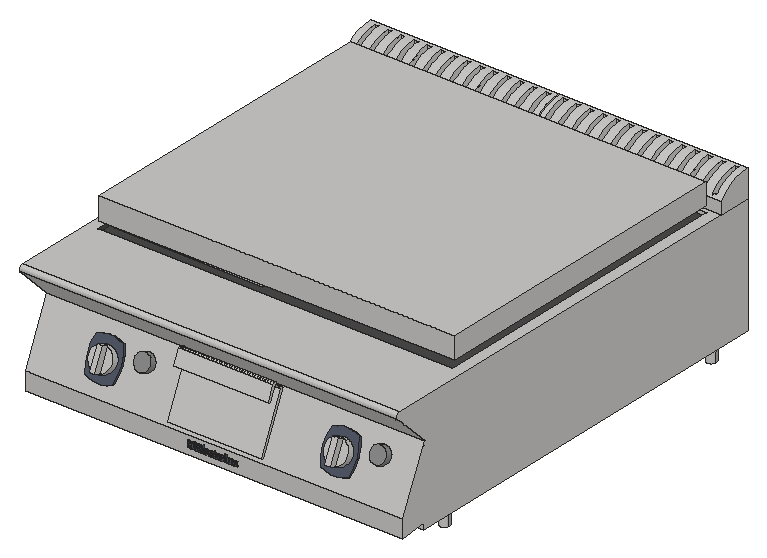
Revit family "QF_ELECTROLUXPROFESSIONAL_391023_E9HOGH1000", category Specialty Equipment, Revit 2018
Family settings
  Round Connector Dimension = Use Diameter
  Part Type = Normal
  Work Plane-Based = No
  Always vertical = Yes
  Cut with Voids When Loaded = No
  Shared = No
  Room Calculation Point = No
Parameters
  Width = 400 mm  # constant formula
  Weight in Pounds = 105  # constant formula
  Watts = 0 W
  URL Cutsheet = "www.electrolux.com/foodservice"
  URL = "www.electrolux.com/foodservice"
  Type Mark [instance] = ""
  Status [instance] = ""
  Specification by User [instance] = ""
  Specification by Manufacturer = ""
  Show Logo [instance] = yes
  Show Clearance [instance] = yes
  Serial Number = ""
  Seismic Rating = ""
  SMACNA No = ""
  Revision Code [instance] = ""
  Omniclass Number and Title = ""
  NAFEM Spec ID Number = ""
  Model = "391023"
  Mechanical Remarks = ""
  Mechanical Connection Type = ""
  Masterspec = ""
  Manufacturer = "ELECTROLUX"
  Item Number [instance] = ""
  Installed By [instance] = ""
  Identify Quantity as Lot [instance] = yes
  Height = 355 mm  # constant formula
  HP = "0 HP"
  Gas Size = 12.7 mm  # 1/2"
  Gas RI Height [instance] = 0 mm
  Gas KW = 16  # constant formula
  Gas Input [instance] = 54544.0 Btu/h
  Gas Connection Height = 0 mm
  Furnished By [instance] = ""
  Foodservice Equipment Identifier [instance] = yes
  Direct Waste Size = 0"
  Description = "900XP FULL MODULE GAS HOB COOKING TOP WITH MILD STEEL TOP - LPG/NATURAL GAS"
  Depth = 730 mm  # constant formula
  CSI MasterFormat = ""
  CSI Master Format = ""
  Base Height [instance] = 24 mm  # constant formula
  Assembly Code = ""
Reference planes
  plane 1 "BACK": y = 0
  plane 2: z = 0
  plane 3 "LEFT": x = 0
  plane 4 "RIGHT": x = 800
  plane 5 "FRONT": y = -930
  plane 6 "TOP": z = 288.925
  plane 7 "Center Y": x = 400
  plane 8 "Center X": y = -465
  plane 9 "BASE": z = 24
  plane 10 "TOP A": z = 274.825
  plane 11: y = -790
  plane 12: y = -82
  plane 13: z = 336
  plane 14: y = -1045
  plane 15: y = -748
  plane 16: y = -663
Forms (mm)
  Extrusion 1, solid, material "QF_Finishes_Stainless Steel"
    sketch origin (800, 0, 0) x (0, 1, 0) y (0, 0, 1)
      loop
        line (0, 274.825) -> (-922.666, 274.825)
        arc (-922.666, 274.825) -> (-929.442, 270.297) -> (-927.852, 262.305) r 7.334
        line (-927.852, 262.305) -> (-857.181, 191.634) -> (-913.537, 69.19) -> (-913.537, 31.09) -> (-860.165, 36.7) -> (-860.165, 24) -> (0, 24) -> (0, 274.825)
    from 0 to -800
  Extrusion 2, solid, material "QF_Finishes_Stainless Steel"
    sketch origin (0, -199.765, 0) x (1, 0, 0) y (0, 1, 0)
      loop
        circle (11.112, 117.765) r 9.525
      loop
        circle (11.112, -590.235) r 9.525
      loop
        circle (788.887, 117.765) r 9.525
      loop
        circle (788.887, -590.235) r 9.525
    from 0 to 24
  Extrusion 3, solid, material "QF_Clearances", visible <- "Show Clearance", detail levels coarse
    sketch origin (0, -199.765, 0) x (1, 0, 0) y (0, 1, 0)
      loop
        line (0, -730.235) -> (0, 199.765) -> (800, 199.765) -> (800, -730.235) -> (950.019, -730.235) -> (950.019, 399.784) -> (-150.019, 399.784) -> (-150.019, -730.235) -> (0, -730.235)
    from 0 to 336
  Extrusion 4, solid, material "QF_Finishes_Stainless Steel"
    sketch origin (400, 175.397, 1219.2) x (0, 1, 0) y (0, 0, 1)
      loop
        line (-1033.994, -1030.641) -> (-1050.4, -1014.234)
        arc (-1050.4, -1014.234) -> (-1054.868, -1012.832) -> (-1058.572, -1015.696) r 5.058
        line (-1058.572, -1015.696) -> (-1071.233, -1043.206) -> (-1068.349, -1044.534) -> (-1055.687, -1017.024)
        arc (-1055.687, -1017.024) -> (-1054.308, -1015.957) -> (-1052.645, -1016.479) r 1.883
        line (-1052.645, -1016.479) -> (-1037.802, -1031.322) -> (-1088.636, -1141.767) -> (-1085.752, -1143.095) -> (-1033.994, -1030.641)
    from -100 to 100
  Extrusion 5, solid, material "QF_Door-Drawer Clearances", visible <- "Show Clearance", detail levels coarse
    sketch origin (300, 175.397, 1219.2) x (0, -1, 0) y (0, 0, 1)
      loop
        line (1200.11, -1044.534) -> (1202.995, -1043.206) -> (1190.333, -1015.696)
        arc (1190.333, -1015.696) -> (1188.832, -1013.81) -> (1186.629, -1012.832) r 5.058
        line (1186.629, -1012.832) -> (1053.086, -1012.832)
        arc (1053.086, -1012.832) -> (1051.636, -1013.327) -> (1050.4, -1014.234) r 5.058
        line (1050.4, -1014.234) -> (1033.994, -1030.641) -> (1085.752, -1143.095) -> (1217.513, -1143.095) -> (1220.397, -1141.767) -> (1169.564, -1031.322) -> (1184.406, -1016.479)
        arc (1184.406, -1016.479) -> (1186.07, -1015.957) -> (1187.449, -1017.024) r 1.883
        line (1187.449, -1017.024) -> (1200.11, -1044.534)
    from 0 to -200
  Extrusion 6, solid, material "QF_Finishes_Stainless Steel"
    sketch origin (0, 0, 0) x (0, 1, 0) y (0, 0, 1)
      loop
        line (0, 274.825) -> (0, 333.448)
        arc (0, 333.448) -> (-38.896, 325.044) -> (-69.85, 300.038) r 86.041
        line (-69.85, 300.038) -> (-69.85, 274.825) -> (0, 274.825)
    from 0 to 400.05
  Extrusion 7, void
    sketch origin (0, 0, 274.638) x (-1, 0, 0) y (0, -1, 0)
      loop
        line (-13.453, 6.761) -> (-13.453, 63.911) -> (-22.749, 63.911) -> (-22.749, 6.761) -> (-13.453, 6.761)
    from 25.4 to 63.5
  Extrusion 8, void
    sketch origin (400.05, 0, 274.638) x (1, 0, 0) y (0, 1, 0)
      loop
        line (-13.453, -6.761) -> (-22.749, -6.761) -> (-22.749, -63.911) -> (-13.453, -63.911) -> (-13.453, -6.761)
    from 25.4 to 63.5
  Extrusion 9, void
    sketch origin (27.988, 0, 274.638) x (-1, 0, 0) y (0, -1, 0)
      loop
        line (-13.453, 6.761) -> (-13.453, 63.911) -> (-22.749, 63.911) -> (-22.749, 6.761) -> (-13.453, 6.761)
    from 25.4 to 63.5
  Extrusion 10, void
    sketch origin (55.977, 0, 274.638) x (-1, 0, 0) y (0, -1, 0)
      loop
        line (-13.453, 6.761) -> (-13.453, 63.911) -> (-22.749, 63.911) -> (-22.749, 6.761) -> (-13.453, 6.761)
    from 25.4 to 63.5
  Extrusion 11, void
    sketch origin (83.965, 0, 274.638) x (-1, 0, 0) y (0, -1, 0)
      loop
        line (-13.453, 6.761) -> (-13.453, 63.911) -> (-22.749, 63.911) -> (-22.749, 6.761) -> (-13.453, 6.761)
    from 25.4 to 63.5
  Extrusion 12, void
    sketch origin (111.953, 0, 274.638) x (-1, 0, 0) y (0, -1, 0)
      loop
        line (-13.453, 6.761) -> (-13.453, 63.911) -> (-22.749, 63.911) -> (-22.749, 6.761) -> (-13.453, 6.761)
    from 25.4 to 63.5
  Extrusion 13, void
    sketch origin (139.942, 0, 274.638) x (-1, 0, 0) y (0, -1, 0)
      loop
        line (-13.453, 6.761) -> (-13.453, 63.911) -> (-22.749, 63.911) -> (-22.749, 6.761) -> (-13.453, 6.761)
    from 25.4 to 63.5
  Extrusion 14, void
    sketch origin (167.93, 0, 274.638) x (-1, 0, 0) y (0, -1, 0)
      loop
        line (-13.453, 6.761) -> (-13.453, 63.911) -> (-22.749, 63.911) -> (-22.749, 6.761) -> (-13.453, 6.761)
    from 25.4 to 63.5
  Extrusion 15, void
    sketch origin (195.918, 0, 274.638) x (-1, 0, 0) y (0, -1, 0)
      loop
        line (-13.453, 6.761) -> (-13.453, 63.911) -> (-22.749, 63.911) -> (-22.749, 6.761) -> (-13.453, 6.761)
    from 25.4 to 63.5
  Extrusion 16, void
    sketch origin (223.907, 0, 274.638) x (-1, 0, 0) y (0, -1, 0)
      loop
        line (-13.453, 6.761) -> (-13.453, 63.911) -> (-22.749, 63.911) -> (-22.749, 6.761) -> (-13.453, 6.761)
    from 25.4 to 63.5
  Extrusion 17, void
    sketch origin (251.895, 0, 274.638) x (-1, 0, 0) y (0, -1, 0)
      loop
        line (-13.453, 6.761) -> (-13.453, 63.911) -> (-22.749, 63.911) -> (-22.749, 6.761) -> (-13.453, 6.761)
    from 25.4 to 63.5
  Extrusion 18, void
    sketch origin (279.884, 0, 274.638) x (-1, 0, 0) y (0, -1, 0)
      loop
        line (-13.453, 6.761) -> (-13.453, 63.911) -> (-22.749, 63.911) -> (-22.749, 6.761) -> (-13.453, 6.761)
    from 25.4 to 63.5
  Extrusion 19, void
    sketch origin (307.872, 0, 274.638) x (-1, 0, 0) y (0, -1, 0)
      loop
        line (-13.453, 6.761) -> (-13.453, 63.911) -> (-22.749, 63.911) -> (-22.749, 6.761) -> (-13.453, 6.761)
    from 25.4 to 63.5
  Extrusion 20, void
    sketch origin (335.86, 0, 274.638) x (-1, 0, 0) y (0, -1, 0)
      loop
        line (-13.453, 6.761) -> (-13.453, 63.911) -> (-22.749, 63.911) -> (-22.749, 6.761) -> (-13.453, 6.761)
    from 25.4 to 63.5
  Extrusion 21, solid, material "QF_Finishes_Navy Blue - Electrolux"
    sketch origin (800, -913.537, 69.19) x (0, 0.418102, 0.9084) y (-1, 0, 0)
      loop
        arc (102.453, 182.136) -> (66.871, 189.761) -> (31.162, 182.754) r 90.5
        arc (31.162, 182.754) -> (24.336, 153.566) -> (31.162, 124.378) r 65.817
        arc (31.162, 124.378) -> (66.87, 117.418) -> (102.453, 124.991) r 91.066
        arc (102.453, 124.991) -> (109.008, 153.564) -> (102.453, 182.136) r 65.546
    from 0 to 3.175
  Extrusion 22, solid, material "QF_Finishes_Stainless Steel"
    sketch origin (400, -916.421, 70.518) x (0, 0.418102, 0.9084) y (-1, 0, 0)
      loop
        circle (66.843, -247.213) r 25.4
    from 0 to 12.7
  Extrusion 23, solid, material "QF_Finishes_Stainless Steel"
    sketch origin (400, -927.958, 75.828) x (0, 0.418102, 0.9084) y (-1, 0, 0)
      loop
        arc (91.575, -252.999) -> (92.243, -247.213) -> (91.575, -241.427) r 25.4
        line (91.575, -241.427) -> (42.111, -241.427)
        arc (42.111, -241.427) -> (41.443, -247.213) -> (42.111, -252.999) r 25.4
        line (42.111, -252.999) -> (91.575, -252.999)
    from 0 to 12.7
  Extrusion 24, solid, material "QF_Finishes_Gray"
    sketch origin (800, -913.537, 69.19) x (0, 0.418102, 0.9084) y (-1, 0, 0)
      loop
        circle (86.903, 72.975) r 17.78
    from 0 to 12.7
  Extrusion 25, void
    sketch origin (0, 0, 274.825) x (-1, 0, 0) y (0, -1, 0)
      loop
        line (-23, 79.247) -> (-23, 752.366) -> (-777, 752.366) -> (-777, 79.247) -> (-23, 79.247)
    from 0 to -6.35
  Extrusion 26, solid, material "QF_Finishes_Stainless Steel"
    sketch origin (0, 0, 268.475) x (-1, 0, 0) y (0, -1, 0)
      loop
        line (-23, 82) -> (-23, 748) -> (-777, 748) -> (-777, 82) -> (-23, 82)
    from 20.45 to 67.525
  Extrusion 27, solid, material "QF_Finishes_Stainless Steel"
    sketch origin (800, 0, 24) x (-1, 0, 0) y (0, 1, 0)
      loop
        circle (33, -748) r 12.7
    from 0 to 5
  Extrusion 28, solid, material "QF_Finishes_Stainless Steel"
    sketch origin (0, 0, 268.475) x (-1, 0, 0) y (0, -1, 0)
      loop
        line (-357.019, 732.366) -> (-357.019, 99.247) -> (-43, 99.247) -> (-43, 732.366) -> (-357.019, 732.366)
    from 0 to 20.45
  Extrusion 29, solid, material "QF_Finishes_Stainless Steel"
    sketch origin (800, 0, 24) x (-1, 0, 0) y (0, 1, 0)
      loop
        circle (52, -663) r 6.4
    from 0 to 19
  Extrusion 30, solid, material "QF_Finishes_Navy Blue - Electrolux"
    sketch origin (300, -913.537, 69.19) x (0, 0.418102, 0.9084) y (-1, 0, 0)
      loop
        arc (102.453, 182.136) -> (66.871, 189.761) -> (31.162, 182.754) r 90.5
        arc (31.162, 182.754) -> (24.336, 153.566) -> (31.162, 124.378) r 65.817
        arc (31.162, 124.378) -> (66.87, 117.418) -> (102.453, 124.991) r 91.066
        arc (102.453, 124.991) -> (109.008, 153.564) -> (102.453, 182.136) r 65.546
    from 0 to 3.175
  Extrusion 31, solid, material "QF_Finishes_Stainless Steel"
    sketch origin (-100, -916.421, 70.518) x (0, 0.418102, 0.9084) y (-1, 0, 0)
      loop
        circle (66.843, -247.213) r 25.4
    from 0 to 12.7
  Extrusion 32, solid, material "QF_Finishes_Stainless Steel"
    sketch origin (-100, -927.958, 75.828) x (0, 0.418102, 0.9084) y (-1, 0, 0)
      loop
        arc (91.575, -252.999) -> (92.243, -247.213) -> (91.575, -241.427) r 25.4
        line (91.575, -241.427) -> (42.111, -241.427)
        arc (42.111, -241.427) -> (41.443, -247.213) -> (42.111, -252.999) r 25.4
        line (42.111, -252.999) -> (91.575, -252.999)
    from 0 to 12.7
  Extrusion 33, solid, material "QF_Finishes_Gray"
    sketch origin (300, -913.537, 69.19) x (0, 0.418102, 0.9084) y (-1, 0, 0)
      loop
        circle (86.903, 72.975) r 17.78
    from 0 to 12.7
  Extrusion 34, solid, material "QF_Finishes_Stainless Steel"
    sketch origin (800, 0, 0) x (0, 1, 0) y (0, 0, -1)
      loop
        line (0, -274.825) -> (-69.85, -274.825) -> (-69.85, -300.038)
        arc (-69.85, -300.038) -> (-38.896, -325.044) -> (0, -333.448) r 86.041
        line (0, -333.448) -> (0, -274.825)
    from 0 to 400.05
  Extrusion 35, void
    sketch origin (399.95, 0, 274.638) x (-1, 0, 0) y (0, -1, 0)
      loop
        line (-13.453, 6.761) -> (-13.453, 63.911) -> (-22.749, 63.911) -> (-22.749, 6.761) -> (-13.453, 6.761)
    from 25.4 to 63.5
  Extrusion 36, void
    sketch origin (772.012, 0, 274.638) x (1, 0, 0) y (0, 1, 0)
      loop
        line (-13.453, -6.761) -> (-22.749, -6.761) -> (-22.749, -63.911) -> (-13.453, -63.911) -> (-13.453, -6.761)
    from 25.4 to 63.5
  Extrusion 37, void
    sketch origin (744.023, 0, 274.638) x (1, 0, 0) y (0, 1, 0)
      loop
        line (-13.453, -6.761) -> (-22.749, -6.761) -> (-22.749, -63.911) -> (-13.453, -63.911) -> (-13.453, -6.761)
    from 25.4 to 63.5
  Extrusion 38, void
    sketch origin (716.035, 0, 274.638) x (1, 0, 0) y (0, 1, 0)
      loop
        line (-13.453, -6.761) -> (-22.749, -6.761) -> (-22.749, -63.911) -> (-13.453, -63.911) -> (-13.453, -6.761)
    from 25.4 to 63.5
  Extrusion 39, void
    sketch origin (688.047, 0, 274.638) x (1, 0, 0) y (0, 1, 0)
      loop
        line (-13.453, -6.761) -> (-22.749, -6.761) -> (-22.749, -63.911) -> (-13.453, -63.911) -> (-13.453, -6.761)
    from 25.4 to 63.5
  Extrusion 40, void
    sketch origin (660.058, 0, 274.638) x (1, 0, 0) y (0, 1, 0)
      loop
        line (-13.453, -6.761) -> (-22.749, -6.761) -> (-22.749, -63.911) -> (-13.453, -63.911) -> (-13.453, -6.761)
    from 25.4 to 63.5
  Extrusion 41, void
    sketch origin (632.07, 0, 274.638) x (1, 0, 0) y (0, 1, 0)
      loop
        line (-13.453, -6.761) -> (-22.749, -6.761) -> (-22.749, -63.911) -> (-13.453, -63.911) -> (-13.453, -6.761)
    from 25.4 to 63.5
  Extrusion 42, void
    sketch origin (604.082, 0, 274.638) x (1, 0, 0) y (0, 1, 0)
      loop
        line (-13.453, -6.761) -> (-22.749, -6.761) -> (-22.749, -63.911) -> (-13.453, -63.911) -> (-13.453, -6.761)
    from 25.4 to 63.5
  Extrusion 43, void
    sketch origin (576.093, 0, 274.638) x (1, 0, 0) y (0, 1, 0)
      loop
        line (-13.453, -6.761) -> (-22.749, -6.761) -> (-22.749, -63.911) -> (-13.453, -63.911) -> (-13.453, -6.761)
    from 25.4 to 63.5
  Extrusion 44, void
    sketch origin (548.105, 0, 274.638) x (1, 0, 0) y (0, 1, 0)
      loop
        line (-13.453, -6.761) -> (-22.749, -6.761) -> (-22.749, -63.911) -> (-13.453, -63.911) -> (-13.453, -6.761)
    from 25.4 to 63.5
  Extrusion 45, void
    sketch origin (520.116, 0, 274.638) x (1, 0, 0) y (0, 1, 0)
      loop
        line (-13.453, -6.761) -> (-22.749, -6.761) -> (-22.749, -63.911) -> (-13.453, -63.911) -> (-13.453, -6.761)
    from 25.4 to 63.5
  Extrusion 46, void
    sketch origin (492.128, 0, 274.638) x (1, 0, 0) y (0, 1, 0)
      loop
        line (-13.453, -6.761) -> (-22.749, -6.761) -> (-22.749, -63.911) -> (-13.453, -63.911) -> (-13.453, -6.761)
    from 25.4 to 63.5
  Extrusion 47, void
    sketch origin (464.14, 0, 274.638) x (1, 0, 0) y (0, 1, 0)
      loop
        line (-13.453, -6.761) -> (-22.749, -6.761) -> (-22.749, -63.911) -> (-13.453, -63.911) -> (-13.453, -6.761)
    from 25.4 to 63.5
  Extrusion 48, void
    sketch origin (800, 0, 274.638) x (1, 0, 0) y (0, 1, 0)
      loop
        line (-13.453, -6.761) -> (-22.749, -6.761) -> (-22.749, -63.911) -> (-13.453, -63.911) -> (-13.453, -6.761)
    from 25.4 to 63.5
  Extrusion 49, solid, material "QF_Finishes_Navy Blue", visible <- "Show Logo"
    sketch origin (800, -913.537, 31.09) x (0, 0, 1) y (-1, 0, 0)
      loop
        line (26.924, 446.512) -> (14.557, 446.512)
        arc (14.557, 446.512) -> (20.741, 441.94) -> (26.924, 446.512) r 6.467
      loop
        arc (26.924, 447.141) -> (25.755, 452.284) -> (21.099, 454.762) r 6.338
        line (21.099, 454.762) -> (21.099, 452.716)
        arc (21.099, 452.716) -> (22.583, 449.061) -> (26.028, 447.141) r 5.941
        line (26.028, 447.141) -> (26.924, 447.141)
      loop
        arc (15.453, 447.141) -> (18.898, 449.061) -> (20.382, 452.716) r 5.941
        line (20.382, 452.716) -> (20.382, 454.762)
        arc (20.382, 454.762) -> (15.688, 452.288) -> (14.398, 447.141) r 6.504
        line (14.398, 447.141) -> (15.453, 447.141)
      loop
        line (27.599, 455.231) -> (13.854, 455.231) -> (13.854, 441.468) -> (27.599, 441.468) -> (27.599, 455.231)
      loop
        arc (27.682, 438.5) -> (27.335, 438.858) -> (26.968, 438.52) r 0.358
        arc (26.968, 438.52) -> (26.654, 437.77) -> (25.937, 437.385) r 1.216
        line (25.937, 437.385) -> (15.524, 437.385)
        arc (15.524, 437.385) -> (14.864, 437.663) -> (14.468, 438.259) r 1.238
        arc (14.468, 438.259) -> (14.073, 438.51) -> (13.768, 438.156) r 0.358
        line (13.768, 438.156) -> (13.768, 428.277) -> (16.519, 428.277) -> (16.519, 429.174)
        arc (16.519, 429.174) -> (15.61, 429.754) -> (15.154, 430.731) r 1.928
        line (15.154, 430.731) -> (15.154, 433.23)
        arc (15.154, 433.23) -> (15.43, 433.959) -> (16.118, 434.323) r 1.101
        line (16.118, 434.323) -> (20.205, 434.323) -> (20.205, 430.649)
        arc (20.205, 430.649) -> (19.852, 430.152) -> (19.287, 429.925) r 1.083
        arc (19.287, 429.925) -> (19.023, 429.619) -> (19.315, 429.341) r 0.292
        line (19.315, 429.341) -> (22.278, 429.341)
        arc (22.278, 429.341) -> (22.58, 429.614) -> (22.342, 429.944) r 0.305
        arc (22.342, 429.944) -> (21.851, 430.192) -> (21.546, 430.649) r 1.083
        line (21.546, 430.649) -> (21.546, 434.323) -> (26.223, 434.323) -> (26.223, 430.576)
        arc (26.223, 430.576) -> (26.009, 429.82) -> (25.403, 429.322) r 1.314
        arc (25.403, 429.322) -> (25.184, 428.918) -> (25.538, 428.625) r 0.361
        line (25.538, 428.625) -> (27.682, 428.625) -> (27.682, 438.5)
      loop
        arc (26.965, 427.845) -> (26.585, 426.926) -> (25.666, 426.546) r 1.299
        line (25.666, 426.546) -> (16.087, 426.546)
        arc (16.087, 426.546) -> (15.249, 426.924) -> (14.978, 427.802) r 1.118
        line (14.978, 427.802) -> (13.768, 427.802) -> (13.768, 422.452) -> (14.956, 422.452)
        arc (14.956, 422.452) -> (15.228, 423.369) -> (16.098, 423.765) r 1.153
        line (16.098, 423.765) -> (28.17, 423.765) -> (26.965, 427.845)
      loop
        line (18.733, 419.816) -> (18.733, 413.368) -> (19.532, 413.368)
        arc (19.532, 413.368) -> (22.112, 414.353) -> (23.381, 416.806) r 3.874
        line (23.381, 416.806) -> (23.381, 418.567)
        arc (23.381, 418.567) -> (22.194, 421.432) -> (19.33, 422.618) r 4.051
        line (19.33, 422.618) -> (17.322, 422.618)
        arc (17.322, 422.618) -> (14.503, 421.133) -> (13.452, 418.126) r 4.352
        arc (13.452, 418.126) -> (13.816, 415.663) -> (15.193, 413.589) r 5.713
        line (15.193, 413.589) -> (16.142, 413.589)
        arc (16.142, 413.589) -> (15.41, 415.158) -> (15.193, 416.876) r 5.579
        arc (15.193, 416.876) -> (15.987, 418.839) -> (17.866, 419.816) r 3.057
        line (17.866, 419.816) -> (18.733, 419.816)
      loop
        line (19.992, 419.816) -> (19.992, 416.234)
        arc (19.992, 416.234) -> (21.449, 416.187) -> (22.332, 417.346) r 1.59
        line (22.332, 417.346) -> (22.332, 418.176)
        arc (22.332, 418.176) -> (21.467, 419.431) -> (19.992, 419.816) r 2.184
      loop
        arc (22.783, 403.951) -> (23.272, 405.625) -> (23.429, 407.362) r 9.023
        line (23.429, 407.362) -> (23.429, 408.724)
        arc (23.429, 408.724) -> (22.27, 411.524) -> (19.47, 412.683) r 3.959
        line (19.47, 412.683) -> (16.87, 412.683)
        arc (16.87, 412.683) -> (14.588, 411.391) -> (13.471, 409.018) r 4.331
        line (13.471, 409.018) -> (13.471, 406.883)
        arc (13.471, 406.883) -> (13.979, 405.333) -> (14.901, 403.987) r 5.772
        arc (14.901, 403.987) -> (15.662, 403.936) -> (15.749, 404.695) r 0.553
        arc (15.749, 404.695) -> (15.361, 405.429) -> (15.227, 406.248) r 2.573
        line (15.227, 406.248) -> (15.227, 407.763)
        arc (15.227, 407.763) -> (16.233, 409.405) -> (18.048, 410.047) r 2.884
        line (18.048, 410.047) -> (19.327, 410.047)
        arc (19.327, 410.047) -> (21.148, 409.487) -> (22.074, 407.822) r 2.554
        line (22.074, 407.822) -> (22.074, 406.769)
        arc (22.074, 406.769) -> (21.743, 405.841) -> (21.086, 405.106) r 2.564
        arc (21.086, 405.106) -> (20.864, 404.389) -> (21.473, 403.951) r 0.643
        line (21.473, 403.951) -> (22.783, 403.951)
      loop
        line (21.765, 403.681) -> (21.765, 402.18) -> (15.717, 402.18)
        arc (15.717, 402.18) -> (14.129, 401.522) -> (13.471, 399.934) r 2.246
        line (13.471, 399.934) -> (13.471, 398.35)
        arc (13.471, 398.35) -> (13.785, 397.486) -> (14.285, 396.714) r 4.06
        arc (14.285, 396.714) -> (15.018, 396.581) -> (15.269, 397.282) r 0.576
        arc (15.269, 397.282) -> (15.163, 397.808) -> (15.227, 398.34) r 1.69
        arc (15.227, 398.34) -> (15.769, 399.128) -> (16.675, 399.431) r 1.506
        line (16.675, 399.431) -> (21.813, 399.431) -> (21.813, 397.034) -> (22.369, 396.478) -> (23.191, 396.478) -> (23.191, 399.337) -> (26.422, 399.337) -> (21.765, 403.681)
      loop
        line (13.688, 395.58) -> (13.688, 390.193) -> (14.798, 390.193)
        arc (14.798, 390.193) -> (15.192, 391.144) -> (16.143, 391.538) r 1.345
        line (16.143, 391.538) -> (19.759, 391.538)
        arc (19.759, 391.538) -> (20.524, 390.946) -> (20.814, 390.024) r 1.615
        line (20.814, 390.024) -> (20.814, 388.468) -> (23.369, 387.783) -> (23.369, 389.166) -> (21.427, 391.725) -> (23.307, 391.725) -> (23.023, 394.431)
        arc (23.023, 394.431) -> (22.583, 394.961) -> (21.924, 394.76) r 0.621
        arc (21.924, 394.76) -> (21.524, 394.418) -> (21.03, 394.235) r 1.501
        line (21.03, 394.235) -> (16.143, 394.235)
        arc (16.143, 394.235) -> (15.192, 394.629) -> (14.798, 395.58) r 1.345
        line (14.798, 395.58) -> (13.688, 395.58)
      loop
        line (19.79, 388.246) -> (17.098, 388.246)
        arc (17.098, 388.246) -> (14.653, 386.938) -> (13.519, 384.408) r 4.288
        arc (13.519, 384.408) -> (13.455, 383.027) -> (13.519, 381.647) r 15.022
        arc (13.519, 381.647) -> (14.653, 379.116) -> (17.098, 377.809) r 4.288
        line (17.098, 377.809) -> (19.79, 377.809)
        arc (19.79, 377.809) -> (22.236, 379.116) -> (23.369, 381.647) r 4.288
        arc (23.369, 381.647) -> (23.433, 383.027) -> (23.369, 384.408) r 15.022
        arc (23.369, 384.408) -> (22.236, 386.938) -> (19.79, 388.246) r 4.288
      loop
        line (19.995, 385.132) -> (16.893, 385.132)
        arc (16.893, 385.132) -> (14.736, 382.975) -> (16.893, 380.818) r 2.157
        line (16.893, 380.818) -> (19.995, 380.818)
        arc (19.995, 380.818) -> (22.152, 382.975) -> (19.995, 385.132) r 2.157
      loop
        arc (26.976, 377.951) -> (26.605, 377.056) -> (25.711, 376.686) r 1.264
        line (25.711, 376.686) -> (15.847, 376.686)
        arc (15.847, 376.686) -> (14.977, 377.083) -> (14.705, 377.999) r 1.153
        line (14.705, 377.999) -> (13.768, 377.999) -> (13.768, 372.891) -> (14.696, 372.891)
        arc (14.696, 372.891) -> (15.055, 373.663) -> (15.847, 373.978) r 1.153
        line (15.847, 373.978) -> (28.17, 373.978) -> (26.976, 377.951)
      loop
        arc (22.096, 373.353) -> (21.897, 372.289) -> (20.928, 371.807) r 1.215
        line (20.928, 371.807) -> (15.908, 371.807)
        arc (15.908, 371.807) -> (14.293, 371.16) -> (13.572, 369.577) r 2.338
        line (13.572, 369.577) -> (13.572, 368.062)
        arc (13.572, 368.062) -> (13.747, 367.058) -> (14.249, 366.172) r 2.979
        line (14.249, 366.172) -> (13.768, 364.375) -> (13.768, 362.686) -> (23.193, 362.686) -> (22.899, 366.89) -> (22.113, 366.89)
        arc (22.113, 366.89) -> (21.757, 366.054) -> (21.005, 365.545) r 1.605
        line (21.005, 365.545) -> (15.902, 365.545)
        arc (15.902, 365.545) -> (15.482, 366.482) -> (15.409, 367.506) r 2.94
        arc (15.409, 367.506) -> (15.97, 368.607) -> (17.123, 369.05) r 1.724
        line (17.123, 369.05) -> (23.32, 369.05) -> (22.096, 373.353)
      loop
        line (23.124, 361.833) -> (21.452, 359.787) -> (18.278, 357.481) -> (14.822, 360.593)
        arc (14.822, 360.593) -> (14.585, 360.987) -> (14.607, 361.446) r 0.789
        line (14.607, 361.446) -> (13.768, 361.446) -> (13.768, 357.901) -> (14.594, 357.901)
        arc (14.594, 357.901) -> (14.936, 358.263) -> (15.426, 358.171) r 0.52
        line (15.426, 358.171) -> (17.226, 356.7) -> (15.108, 355.324)
        arc (15.108, 355.324) -> (14.707, 355.634) -> (14.62, 356.134) r 0.7
        line (14.62, 356.134) -> (13.768, 356.134) -> (13.768, 350.207) -> (14.655, 350.207)
        arc (14.655, 350.207) -> (14.722, 350.866) -> (15.116, 351.397) r 1.247
        line (15.116, 351.397) -> (19.316, 354.678) -> (21.763, 352.625) -> (23.124, 350.883) -> (23.124, 354.607) -> (21.639, 354.184) -> (20.118, 355.461) -> (21.818, 356.651) -> (23.124, 355.874) -> (23.124, 361.833)
    from 0 to 1.644
Cuts and joins
  Extrusion 7, Extrusion 8, Extrusion 9, Extrusion 10, Extrusion 11, Extrusion 12, Extrusion 13, Extrusion 14, Extrusion 15, Extrusion 16, Extrusion 17, Extrusion 18, Extrusion 19, Extrusion 20, Extrusion 35, Extrusion 36, Extrusion 37, Extrusion 38, Extrusion 39, Extrusion 40, Extrusion 41, Extrusion 42, Extrusion 43, Extrusion 44, Extrusion 45, Extrusion 46, Extrusion 47 cuts Extrusion 6
  Extrusion 25 cuts Extrusion 1
  Extrusion 25 cuts Extrusion 28
  Extrusion 35, Extrusion 36, Extrusion 37, Extrusion 38, Extrusion 39, Extrusion 40, Extrusion 41, Extrusion 42, Extrusion 43, Extrusion 44, Extrusion 45, Extrusion 46, Extrusion 47, Extrusion 48 cuts Extrusion 34
Lines and regions (mm)
  symbolic lines, style "QF_Clearances", visible <- "Show Clearance", detail levels coarse
    curve 1: line (-150.019, 200.019, 274.825) -> (-150.019, -930, 274.825)
    curve 2: line (950.019, 200.019, 274.825) -> (-150.019, 200.019, 274.825)
    curve 3: line (950.019, -930, 274.825) -> (950.019, 200.019, 274.825)
  symbolic lines
    curve 4: line (0, 0, 274.825) -> (400.05, 0, 274.825)
    curve 5: line (0, -930, 274.825) -> (0, 0, 274.825)
    curve 6: line (800, -930, 274.825) -> (0, -930, 274.825)
    curve 7: line (13.453, -6.761, 274.825) -> (22.749, -6.761, 274.825)
    curve 8: line (13.453, -63.911, 274.825) -> (13.453, -6.761, 274.825)
    curve 9: line (22.749, -63.911, 274.825) -> (13.453, -63.911, 274.825)
    curve 10: line (22.749, -6.761, 274.825) -> (22.749, -63.911, 274.825)
    curve 11: line (41.441, -6.761, 274.825) -> (50.737, -6.761, 274.825)
    curve 12: line (41.441, -63.911, 274.825) -> (41.441, -6.761, 274.825)
    curve 13: line (50.737, -63.911, 274.825) -> (41.441, -63.911, 274.825)
    curve 14: line (50.737, -6.761, 274.825) -> (50.737, -63.911, 274.825)
    curve 15: line (69.43, -6.761, 274.825) -> (78.725, -6.761, 274.825)
    curve 16: line (69.43, -63.911, 274.825) -> (69.43, -6.761, 274.825)
    curve 17: line (78.725, -63.911, 274.825) -> (69.43, -63.911, 274.825)
    curve 18: line (78.725, -6.761, 274.825) -> (78.725, -63.911, 274.825)
    curve 19: line (97.418, -6.761, 274.825) -> (106.714, -6.761, 274.825)
    curve 20: line (97.418, -63.911, 274.825) -> (97.418, -6.761, 274.825)
    curve 21: line (106.714, -63.911, 274.825) -> (97.418, -63.911, 274.825)
    curve 22: line (106.714, -6.761, 274.825) -> (106.714, -63.911, 274.825)
    curve 23: line (125.406, -6.761, 274.825) -> (134.702, -6.761, 274.825)
    curve 24: line (125.406, -63.911, 274.825) -> (125.406, -6.761, 274.825)
    curve 25: line (134.702, -63.911, 274.825) -> (125.406, -63.911, 274.825)
    curve 26: line (134.702, -6.761, 274.825) -> (134.702, -63.911, 274.825)
    curve 27: line (153.395, -6.761, 274.825) -> (162.69, -6.761, 274.825)
    curve 28: line (153.395, -63.911, 274.825) -> (153.395, -6.761, 274.825)
    curve 29: line (162.69, -63.911, 274.825) -> (153.395, -63.911, 274.825)
    curve 30: line (162.69, -6.761, 274.825) -> (162.69, -63.911, 274.825)
    curve 31: line (181.383, -6.761, 274.825) -> (190.679, -6.761, 274.825)
    curve 32: line (181.383, -63.911, 274.825) -> (181.383, -6.761, 274.825)
    curve 33: line (190.679, -63.911, 274.825) -> (181.383, -63.911, 274.825)
    curve 34: line (190.679, -6.761, 274.825) -> (190.679, -63.911, 274.825)
    curve 35: line (209.371, -6.761, 274.825) -> (218.667, -6.761, 274.825)
    curve 36: line (209.371, -63.911, 274.825) -> (209.371, -6.761, 274.825)
    curve 37: line (218.667, -63.911, 274.825) -> (209.371, -63.911, 274.825)
    curve 38: line (218.667, -6.761, 274.825) -> (218.667, -63.911, 274.825)
    curve 39: line (237.36, -6.761, 274.825) -> (246.655, -6.761, 274.825)
    curve 40: line (237.36, -63.911, 274.825) -> (237.36, -6.761, 274.825)
    curve 41: line (246.655, -63.911, 274.825) -> (237.36, -63.911, 274.825)
    curve 42: line (246.655, -6.761, 274.825) -> (246.655, -63.911, 274.825)
    curve 43: line (265.348, -6.761, 274.825) -> (274.644, -6.761, 274.825)
    curve 44: line (265.348, -63.911, 274.825) -> (265.348, -6.761, 274.825)
    curve 45: line (274.644, -63.911, 274.825) -> (265.348, -63.911, 274.825)
    curve 46: line (274.644, -6.761, 274.825) -> (274.644, -63.911, 274.825)
    curve 47: line (293.336, -6.761, 274.825) -> (302.632, -6.761, 274.825)
    curve 48: line (293.336, -63.911, 274.825) -> (293.336, -6.761, 274.825)
    curve 49: line (302.632, -63.911, 274.825) -> (293.336, -63.911, 274.825)
    curve 50: line (302.632, -6.761, 274.825) -> (302.632, -63.911, 274.825)
    curve 51: line (321.325, -6.761, 274.825) -> (330.62, -6.761, 274.825)
    curve 52: line (321.325, -63.911, 274.825) -> (321.325, -6.761, 274.825)
    curve 53: line (330.62, -63.911, 274.825) -> (321.325, -63.911, 274.825)
    curve 54: line (330.62, -6.761, 274.825) -> (330.62, -63.911, 274.825)
    curve 55: line (349.313, -6.761, 274.825) -> (358.609, -6.761, 274.825)
    curve 56: line (349.313, -63.911, 274.825) -> (349.313, -6.761, 274.825)
    curve 57: line (358.609, -63.911, 274.825) -> (349.313, -63.911, 274.825)
    curve 58: line (358.609, -6.761, 274.825) -> (358.609, -63.911, 274.825)
    curve 59: line (377.301, -6.761, 274.825) -> (386.597, -6.761, 274.825)
    curve 60: line (377.301, -63.911, 274.825) -> (377.301, -6.761, 274.825)
    curve 61: line (386.597, -63.911, 274.825) -> (377.301, -63.911, 274.825)
    curve 62: line (386.597, -6.761, 274.825) -> (386.597, -63.911, 274.825)
    curve 66: line (777, -79.247, 0) -> (23, -79.247, 0)
    curve 67: line (777, -82, 0) -> (23, -82, 0)
    curve 68: line (23, -752.366, 0) -> (777, -752.366, 0)
    curve 69: line (23, -748, 0) -> (777, -748, 0)
    curve 70: line (777, -752.366, 0) -> (777, -79.247, 0)
    curve 71: line (23, -79.247, 0) -> (23, -752.366, 0)
    curve 72: line (800, 0, 274.825) -> (400.05, 0, 274.825)
    curve 73: line (786.547, -6.761, 274.825) -> (777.251, -6.761, 274.825)
    curve 74: line (786.547, -63.911, 274.825) -> (786.547, -6.761, 274.825)
    curve 75: line (777.251, -63.911, 274.825) -> (786.547, -63.911, 274.825)
    curve 76: line (777.251, -6.761, 274.825) -> (777.251, -63.911, 274.825)
    curve 77: line (758.559, -6.761, 274.825) -> (749.263, -6.761, 274.825)
    curve 78: line (758.559, -63.911, 274.825) -> (758.559, -6.761, 274.825)
    curve 79: line (749.263, -63.911, 274.825) -> (758.559, -63.911, 274.825)
    curve 80: line (749.263, -6.761, 274.825) -> (749.263, -63.911, 274.825)
    curve 81: line (730.57, -6.761, 274.825) -> (721.275, -6.761, 274.825)
    curve 82: line (730.57, -63.911, 274.825) -> (730.57, -6.761, 274.825)
    curve 83: line (721.275, -63.911, 274.825) -> (730.57, -63.911, 274.825)
    curve 84: line (721.275, -6.761, 274.825) -> (721.275, -63.911, 274.825)
    curve 85: line (702.582, -6.761, 274.825) -> (693.286, -6.761, 274.825)
    curve 86: line (702.582, -63.911, 274.825) -> (702.582, -6.761, 274.825)
    curve 87: line (693.286, -63.911, 274.825) -> (702.582, -63.911, 274.825)
    curve 88: line (693.286, -6.761, 274.825) -> (693.286, -63.911, 274.825)
    curve 89: line (674.594, -6.761, 274.825) -> (665.298, -6.761, 274.825)
    curve 90: line (674.594, -63.911, 274.825) -> (674.594, -6.761, 274.825)
    curve 91: line (665.298, -63.911, 274.825) -> (674.594, -63.911, 274.825)
    curve 92: line (665.298, -6.761, 274.825) -> (665.298, -63.911, 274.825)
    curve 93: line (646.605, -6.761, 274.825) -> (637.31, -6.761, 274.825)
    curve 94: line (646.605, -63.911, 274.825) -> (646.605, -6.761, 274.825)
    curve 95: line (637.31, -63.911, 274.825) -> (646.605, -63.911, 274.825)
    curve 96: line (637.31, -6.761, 274.825) -> (637.31, -63.911, 274.825)
    curve 97: line (618.617, -6.761, 274.825) -> (609.321, -6.761, 274.825)
    curve 98: line (618.617, -63.911, 274.825) -> (618.617, -6.761, 274.825)
    curve 99: line (609.321, -63.911, 274.825) -> (618.617, -63.911, 274.825)
    curve 100: line (609.321, -6.761, 274.825) -> (609.321, -63.911, 274.825)
    curve 101: line (590.629, -6.761, 274.825) -> (581.333, -6.761, 274.825)
    curve 102: line (590.629, -63.911, 274.825) -> (590.629, -6.761, 274.825)
    curve 103: line (581.333, -63.911, 274.825) -> (590.629, -63.911, 274.825)
    curve 104: line (581.333, -6.761, 274.825) -> (581.333, -63.911, 274.825)
    curve 105: line (562.64, -6.761, 274.825) -> (553.345, -6.761, 274.825)
    curve 106: line (562.64, -63.911, 274.825) -> (562.64, -6.761, 274.825)
    curve 107: line (553.345, -63.911, 274.825) -> (562.64, -63.911, 274.825)
    curve 108: line (553.345, -6.761, 274.825) -> (553.345, -63.911, 274.825)
    curve 109: line (534.652, -6.761, 274.825) -> (525.356, -6.761, 274.825)
    curve 110: line (534.652, -63.911, 274.825) -> (534.652, -6.761, 274.825)
    curve 111: line (525.356, -63.911, 274.825) -> (534.652, -63.911, 274.825)
    curve 112: line (525.356, -6.761, 274.825) -> (525.356, -63.911, 274.825)
    curve 113: line (506.664, -6.761, 274.825) -> (497.368, -6.761, 274.825)
    curve 114: line (506.664, -63.911, 274.825) -> (506.664, -6.761, 274.825)
    curve 115: line (497.368, -63.911, 274.825) -> (506.664, -63.911, 274.825)
    curve 116: line (497.368, -6.761, 274.825) -> (497.368, -63.911, 274.825)
    curve 117: line (478.675, -6.761, 274.825) -> (469.38, -6.761, 274.825)
    curve 118: line (478.675, -63.911, 274.825) -> (478.675, -6.761, 274.825)
    curve 119: line (469.38, -63.911, 274.825) -> (478.675, -63.911, 274.825)
    curve 120: line (469.38, -6.761, 274.825) -> (469.38, -63.911, 274.825)
    curve 121: line (450.687, -6.761, 274.825) -> (441.391, -6.761, 274.825)
    curve 122: line (450.687, -63.911, 274.825) -> (450.687, -6.761, 274.825)
    curve 123: line (441.391, -63.911, 274.825) -> (450.687, -63.911, 274.825)
    curve 124: line (441.391, -6.761, 274.825) -> (441.391, -63.911, 274.825)
    curve 125: line (422.699, -6.761, 274.825) -> (413.403, -6.761, 274.825)
    curve 126: line (422.699, -63.911, 274.825) -> (422.699, -6.761, 274.825)
    curve 127: line (413.403, -63.911, 274.825) -> (422.699, -63.911, 274.825)
    curve 128: line (413.403, -6.761, 274.825) -> (413.403, -63.911, 274.825)
    curve 129: line (0, -69.85, 0) -> (800, -69.85, 0)
    curve 130: line (800, 0, 0) -> (800, -930, 0)
  symbolic lines, style "QF_Door-Drawer Clearances"
    curve 63: line (300, -1045, 0) -> (300, -930, 0)
    curve 64: line (300, -1045, 0) -> (500, -1045, 0)
    curve 65: line (500, -1045, 0) -> (500, -930, 0)
Dimensions and locks
  equal spacing: plane 3 "LEFT", plane 7 "Center Y", plane 4 "RIGHT"
  plane 3 "LEFT" to plane 4 "RIGHT" = 800 mm
  equal spacing: plane 5 "FRONT", plane 8 "Center X", plane 1 "BACK"
  plane 5 "FRONT" to plane 1 "BACK" = 930 mm  (x2)
  plane 1 "BACK" to plane 5 "FRONT" = 930 mm
  "Base Height": plane 9 "BASE" to level
  locked: plane 10 "TOP A" to plane 9 "BASE" at 250.825
  plane 10 "TOP A" to plane 9 "BASE" = 250.825 mm  (x2)
  plane 9 "BASE" to level = 24 mm
  plane 2 to plane 13 = 336 mm
  plane 9 "BASE" to plane 2 = 24 mm
  plane 5 "FRONT" to plane 11 to plane 12 to plane 1 "BACK" = 140 mm, 708 mm, 82 mm
  plane 14 to plane 1 "BACK" = 1045 mm
  plane 15 to plane 1 "BACK" = 748 mm
  plane 16 to plane 1 "BACK" = 663 mm
  Extrusion 29 to plane 9 "BASE" = 19 mm
  aligned and locked: level to plane 2
Automatic sketch dimensions
  curve 129 to plane 3 "LEFT" = 0 mm
  curve 64 to plane 14 = 0 mm
  plane 5 "FRONT" to curve 63 = 0 mm
  plane 15 to curve 69 = 0 mm
  plane 12 to curve 67 = 0 mm
  plane 5 "FRONT" to curve 65 = 0 mm
  curve 129 to plane 4 "RIGHT" = 0 mm
  plane 3 "LEFT" to curve 64 = 300 mm
  plane 15 to curve 71 = 4.366 mm
  plane 3 "LEFT" to curve 71 = 23 mm
  curve 67 to curve 66 = 0 mm  (x2)
  curve 63 to curve 65 = 200 mm
  plane 7 "Center Y" to curve 70 = 377 mm
  curve 67 to curve 66 = 2.753 mm
  curve 129 to plane 12 = 12.15 mm
  plane 5 "FRONT" to curve 3 = 0 mm
  plane 1 "BACK" to curve 72 = 0 mm
  curve 72 to plane 4 "RIGHT" = 0 mm
  plane 5 "FRONT" to curve 6 = 0 mm
  curve 6 to plane 3 "LEFT" = 0 mm
  plane 5 "FRONT" to curve 1 = 0 mm
  plane 4 "RIGHT" to curve 3 = 150.019 mm
  curve 75 to plane 4 "RIGHT" = 13.453 mm
  curve 73 to curve 73 = 9.296 mm
  plane 1 "BACK" to curve 77 = 6.761 mm
  curve 73 to curve 77 = 18.693 mm
  curve 77 to curve 77 = 9.296 mm
  curve 79 to curve 83 = 18.693 mm
  curve 82 to curve 83 = 9.296 mm
  curve 83 to curve 87 = 18.693 mm
  curve 86 to curve 87 = 9.296 mm
  curve 87 to curve 91 = 18.693 mm
  curve 90 to curve 91 = 9.296 mm
  curve 91 to curve 95 = 18.693 mm
  curve 94 to curve 95 = 9.296 mm
  plane 1 "BACK" to curve 97 = 6.761 mm
  curve 93 to curve 97 = 18.693 mm
  curve 97 to curve 100 = 9.296 mm
  plane 1 "BACK" to curve 102 = 6.761 mm
  curve 97 to curve 102 = 18.693 mm
  curve 101 to curve 104 = 9.296 mm
  plane 1 "BACK" to curve 105 = 6.761 mm
  curve 101 to curve 105 = 18.693 mm
  curve 105 to curve 105 = 9.296 mm
  plane 1 "BACK" to curve 109 = 6.761 mm
  curve 105 to curve 109 = 18.693 mm
  curve 109 to curve 109 = 9.296 mm
  plane 1 "BACK" to curve 113 = 6.761 mm
  curve 109 to curve 113 = 18.693 mm
  curve 113 to curve 113 = 9.296 mm
  curve 115 to curve 119 = 18.693 mm
  curve 118 to curve 119 = 9.296 mm
  plane 1 "BACK" to curve 121 = 6.761 mm
  curve 117 to curve 121 = 18.693 mm
  curve 121 to curve 121 = 9.296 mm
  plane 1 "BACK" to curve 125 = 6.761 mm
  curve 121 to curve 125 = 18.693 mm
  curve 125 to curve 125 = 9.296 mm
  plane 7 "Center Y" to curve 72 = 0.05 mm
  plane 7 "Center Y" to curve 6 = 400 mm
  curve 61 to plane 7 "Center Y" = 13.403 mm
  curve 61 to curve 60 = 9.296 mm
  plane 1 "BACK" to curve 58 = 6.761 mm
  curve 59 to curve 58 = 18.693 mm
  curve 57 to curve 56 = 9.296 mm
  plane 1 "BACK" to curve 54 = 6.761 mm
  curve 55 to curve 54 = 18.693 mm
  curve 53 to curve 52 = 9.296 mm
  plane 1 "BACK" to curve 50 = 6.761 mm
  curve 51 to curve 50 = 18.693 mm
  curve 49 to curve 48 = 9.296 mm
  curve 48 to curve 46 = 18.693 mm
  curve 45 to curve 44 = 9.296 mm
  curve 44 to curve 42 = 18.693 mm
  curve 41 to curve 40 = 9.296 mm
  curve 40 to curve 38 = 18.693 mm
  curve 37 to curve 36 = 9.296 mm
  curve 36 to curve 34 = 18.693 mm
  curve 33 to curve 32 = 9.296 mm
  plane 1 "BACK" to curve 30 = 6.761 mm
  curve 31 to curve 30 = 18.693 mm
  curve 29 to curve 28 = 9.296 mm
  plane 1 "BACK" to curve 26 = 6.761 mm
  curve 27 to curve 26 = 18.693 mm
  curve 25 to curve 24 = 9.296 mm
  plane 1 "BACK" to curve 22 = 6.761 mm
  curve 23 to curve 22 = 18.693 mm
  curve 21 to curve 20 = 9.296 mm
  curve 20 to curve 18 = 18.693 mm
  curve 17 to curve 16 = 9.296 mm
  curve 16 to curve 14 = 18.693 mm
  curve 13 to curve 12 = 9.296 mm
  curve 12 to curve 10 = 18.693 mm
  curve 9 to curve 8 = 9.296 mm
  curve 1 to plane 3 "LEFT" = 150.019 mm
  curve 1 to plane 1 "BACK" = 200.019 mm
  plane 1 "BACK" to curve 7 = 6.761 mm
  plane 1 "BACK" to curve 120 = 6.761 mm
  plane 1 "BACK" to curve 11 = 6.761 mm
  plane 1 "BACK" to curve 15 = 6.761 mm
  plane 1 "BACK" to curve 31 = 6.761 mm
  plane 1 "BACK" to curve 96 = 6.761 mm
  plane 1 "BACK" to curve 35 = 6.761 mm
  plane 1 "BACK" to curve 92 = 6.761 mm
  plane 1 "BACK" to curve 39 = 6.761 mm
  plane 1 "BACK" to curve 88 = 6.761 mm
  plane 1 "BACK" to curve 43 = 6.761 mm
  plane 1 "BACK" to curve 84 = 6.761 mm
  plane 1 "BACK" to curve 76 = 6.761 mm
  plane 1 "BACK" to curve 59 = 6.761 mm
  curve 61 to plane 12 = 18.089 mm
  curve 58 to plane 12 = 18.089 mm
  curve 74 to plane 12 = 18.089 mm
  curve 54 to plane 12 = 18.089 mm
  curve 78 to plane 12 = 18.089 mm
  curve 50 to plane 12 = 18.089 mm
  curve 82 to plane 12 = 18.089 mm
  curve 46 to plane 12 = 18.089 mm
  curve 86 to plane 12 = 18.089 mm
  curve 42 to plane 12 = 18.089 mm
  curve 90 to plane 12 = 18.089 mm
  curve 38 to plane 12 = 18.089 mm
  curve 94 to plane 12 = 18.089 mm
  curve 34 to plane 12 = 18.089 mm
  curve 98 to plane 12 = 18.089 mm
  curve 30 to plane 12 = 18.089 mm
  curve 102 to plane 12 = 18.089 mm
  curve 26 to plane 12 = 18.089 mm
  curve 106 to plane 12 = 18.089 mm
  curve 22 to plane 12 = 18.089 mm
  curve 110 to plane 12 = 18.089 mm
  curve 18 to plane 12 = 18.089 mm
  curve 114 to plane 12 = 18.089 mm
  curve 14 to plane 12 = 18.089 mm
  curve 118 to plane 12 = 18.089 mm
  curve 10 to plane 12 = 18.089 mm
  curve 122 to plane 12 = 18.089 mm
  curve 127 to plane 12 = 18.089 mm
  Extrusion 1 sketch curve to plane 10 "TOP A" = 0 mm
  Extrusion 1 sketch curve to plane 9 "BASE" = 0 mm
  Extrusion 1 sketch curve to plane 1 "BACK" = 0 mm
  plane 11 to Extrusion 1 sketch curve = 67.181 mm
  plane 9 "BASE" to Extrusion 1 sketch curve = 12.7 mm
  Extrusion 1 sketch curve to plane 5 "FRONT" = 69.835 mm
  plane 9 "BASE" to Extrusion 1 sketch curve = 7.09 mm
  Extrusion 1 sketch curve to plane 5 "FRONT" = 16.463 mm
  Extrusion 1 sketch curve to plane 5 "FRONT" = 7.334 mm
  Extrusion 1 sketch curve to plane 5 "FRONT" = 2.148 mm
  Extrusion 1 sketch curve to Extrusion 1 sketch curve = 38.1 mm
  Extrusion 1 sketch curve to plane 10 "TOP A" = 83.191 mm
  Extrusion 1 sketch curve to plane 10 "TOP A" = 12.52 mm
  plane 11 to Extrusion 2 sketch curve = 0 mm  (x2)
  plane 12 to Extrusion 2 sketch curve = 0 mm  (x2)
  plane 3 "LEFT" to Extrusion 2 sketch curve = 11.112 mm  (x2)
  Extrusion 2 sketch curve to plane 4 "RIGHT" = 11.113 mm  (x2)
  plane 5 "FRONT" to Extrusion 3 sketch curve = 0 mm  (x2)
  plane 1 "BACK" to Extrusion 3 sketch curve = 0 mm
  Extrusion 3 sketch curve to plane 3 "LEFT" = 0 mm
  Extrusion 3 sketch curve to plane 4 "RIGHT" = 0 mm
  Extrusion 3 sketch curve to plane 3 "LEFT" = 150.019 mm
  plane 4 "RIGHT" to Extrusion 3 sketch curve = 150.019 mm
  Extrusion 3 sketch curve to plane 1 "BACK" = 200.019 mm
  Extrusion 4 sketch curve to Extrusion 4 sketch curve = 0 mm  (x2)
  Extrusion 4 sketch curve to plane 5 "FRONT" = 16.761 mm
  Extrusion 4 sketch curve to Extrusion 4 sketch curve = 2.884 mm  (x3)
  Extrusion 4 sketch curve to plane 5 "FRONT" = 34.164 mm
  Extrusion 4 sketch curve to Extrusion 4 sketch curve = 12.662 mm
  Extrusion 4 sketch curve to Extrusion 4 sketch curve = 1.711 mm
  Extrusion 4 sketch curve to Extrusion 4 sketch curve = 1.332 mm
  Extrusion 4 sketch curve to Extrusion 4 sketch curve = 2.245 mm
  Extrusion 4 sketch curve to Extrusion 4 sketch curve = 14.843 mm
  Extrusion 4 sketch curve to Extrusion 4 sketch curve = 3.809 mm
  plane 9 "BASE" to Extrusion 4 sketch curve = 52.105 mm
  Extrusion 4 sketch curve to Extrusion 4 sketch curve = 1.327 mm  (x2)
  Extrusion 4 sketch curve to Extrusion 4 sketch curve = 13.211 mm
  Extrusion 4 sketch curve to Extrusion 4 sketch curve = 0.787 mm
  Extrusion 5 sketch curve to Extrusion 5 sketch curve = 0 mm  (x2)
  Extrusion 5 sketch curve to Extrusion 4 = 0 mm  (x3)
  Extrusion 4 to Extrusion 5 sketch curve = 0 mm
  Extrusion 5 sketch curve to Extrusion 5 sketch curve = 3.577 mm
  Extrusion 5 sketch curve to Extrusion 5 sketch curve = 2.686 mm
  Extrusion 5 sketch curve to Extrusion 5 sketch curve = 115.587 mm
  Extrusion 5 sketch curve to Extrusion 5 sketch curve = 14.843 mm
  Extrusion 5 sketch curve to Extrusion 5 sketch curve = 1.332 mm
  Extrusion 5 sketch curve to Extrusion 5 sketch curve = 2.222 mm
  Extrusion 5 sketch curve to Extrusion 5 sketch curve = 1.711 mm
  Extrusion 5 sketch curve to Extrusion 5 sketch curve = 2.884 mm  (x3)
  Extrusion 5 sketch curve to Extrusion 5 sketch curve = 12.662 mm
  Extrusion 5 sketch curve to Extrusion 5 sketch curve = 17.403 mm
  Extrusion 5 sketch curve to Extrusion 5 sketch curve = 1.327 mm  (x2)
  Extrusion 5 sketch curve to Extrusion 5 sketch curve = 13.211 mm
  Extrusion 6 sketch curve to plane 10 "TOP A" = 0 mm
  Extrusion 6 sketch curve to plane 1 "BACK" = 0 mm
  plane 1 "BACK" to Extrusion 6 sketch curve = 1.769 mm
  Extrusion 6 sketch curve to plane 12 = 12.15 mm
  Extrusion 6 sketch curve to plane 10 "TOP A" = 27.4 mm
  plane 6 "TOP" to Extrusion 6 sketch curve = 11.113 mm
  plane 1 "BACK" to Extrusion 7 sketch curve = 6.761 mm
  plane 3 "LEFT" to Extrusion 7 sketch curve = 22.749 mm
  Extrusion 7 sketch curve to Extrusion 7 sketch curve = 9.296 mm
  Extrusion 7 sketch curve to plane 12 = 18.089 mm
  Extrusion 8 sketch curve to plane 1 "BACK" = 6.761 mm
  plane 7 "Center Y" to Extrusion 8 sketch curve = 22.699 mm
  Extrusion 8 sketch curve to Extrusion 8 sketch curve = 9.296 mm
  plane 12 to Extrusion 8 sketch curve = 18.089 mm
  plane 1 "BACK" to Extrusion 9 sketch curve = 6.761 mm
  plane 3 "LEFT" to Extrusion 9 sketch curve = 50.737 mm
  Extrusion 9 sketch curve to Extrusion 9 sketch curve = 9.296 mm
  Extrusion 9 sketch curve to plane 12 = 18.089 mm
  plane 1 "BACK" to Extrusion 10 sketch curve = 6.761 mm
  plane 3 "LEFT" to Extrusion 10 sketch curve = 78.725 mm
  Extrusion 10 sketch curve to Extrusion 10 sketch curve = 9.296 mm
  Extrusion 10 sketch curve to plane 12 = 18.089 mm
  plane 1 "BACK" to Extrusion 11 sketch curve = 6.761 mm
  plane 3 "LEFT" to Extrusion 11 sketch curve = 106.714 mm
  Extrusion 11 sketch curve to Extrusion 11 sketch curve = 9.296 mm
  Extrusion 11 sketch curve to plane 12 = 18.089 mm
  plane 1 "BACK" to Extrusion 12 sketch curve = 6.761 mm
  plane 3 "LEFT" to Extrusion 12 sketch curve = 134.702 mm
  Extrusion 12 sketch curve to Extrusion 12 sketch curve = 9.296 mm
  Extrusion 12 sketch curve to plane 12 = 18.089 mm
  plane 1 "BACK" to Extrusion 13 sketch curve = 6.761 mm
  plane 3 "LEFT" to Extrusion 13 sketch curve = 162.69 mm
  Extrusion 13 sketch curve to Extrusion 13 sketch curve = 9.296 mm
  Extrusion 13 sketch curve to plane 12 = 18.089 mm
  plane 1 "BACK" to Extrusion 14 sketch curve = 6.761 mm
  plane 3 "LEFT" to Extrusion 14 sketch curve = 190.679 mm
  Extrusion 14 sketch curve to Extrusion 14 sketch curve = 9.296 mm
  Extrusion 14 sketch curve to plane 12 = 18.089 mm
  plane 1 "BACK" to Extrusion 15 sketch curve = 6.761 mm
  Extrusion 15 sketch curve to plane 7 "Center Y" = 181.333 mm
  Extrusion 15 sketch curve to Extrusion 15 sketch curve = 9.296 mm
  Extrusion 15 sketch curve to plane 12 = 18.089 mm
  plane 1 "BACK" to Extrusion 16 sketch curve = 6.761 mm
  Extrusion 16 sketch curve to plane 7 "Center Y" = 153.345 mm
  Extrusion 16 sketch curve to Extrusion 16 sketch curve = 9.296 mm
  Extrusion 16 sketch curve to plane 12 = 18.089 mm
  plane 1 "BACK" to Extrusion 17 sketch curve = 6.761 mm
  Extrusion 17 sketch curve to plane 7 "Center Y" = 125.356 mm
  Extrusion 17 sketch curve to Extrusion 17 sketch curve = 9.296 mm
  Extrusion 17 sketch curve to plane 12 = 18.089 mm
  plane 1 "BACK" to Extrusion 18 sketch curve = 6.761 mm
  Extrusion 18 sketch curve to plane 7 "Center Y" = 97.368 mm
  Extrusion 18 sketch curve to Extrusion 18 sketch curve = 9.296 mm
  Extrusion 18 sketch curve to plane 12 = 18.089 mm
  plane 1 "BACK" to Extrusion 19 sketch curve = 6.761 mm
  Extrusion 19 sketch curve to plane 7 "Center Y" = 69.38 mm
  Extrusion 19 sketch curve to Extrusion 19 sketch curve = 9.296 mm
  Extrusion 19 sketch curve to plane 12 = 18.089 mm
  plane 1 "BACK" to Extrusion 20 sketch curve = 6.761 mm
  Extrusion 20 sketch curve to plane 7 "Center Y" = 41.391 mm
  Extrusion 20 sketch curve to Extrusion 20 sketch curve = 9.296 mm
  Extrusion 20 sketch curve to plane 12 = 18.089 mm
  Extrusion 21 sketch curve to Extrusion 1 = 31.162 mm  (x2)
  Extrusion 21 sketch curve to Extrusion 21 sketch curve = 12.3 mm  (x3)
  Extrusion 21 sketch curve to Extrusion 21 sketch curve = 34.925 mm  (x2)
  Extrusion 1 to Extrusion 21 sketch curve = 44.637 mm
  Extrusion 1 to Extrusion 21 sketch curve = 99.264 mm
  Extrusion 21 sketch curve to Extrusion 21 sketch curve = 25.114 mm
  Extrusion 21 sketch curve to Extrusion 21 sketch curve = 25.727 mm
  Extrusion 21 sketch curve to Extrusion 21 sketch curve = 29.185 mm
  Extrusion 23 sketch curve to Extrusion 23 sketch curve = 24.732 mm
  Extrusion 23 sketch curve to Extrusion 23 sketch curve = 0 mm
  Extrusion 1 to Extrusion 24 sketch curve = 47.888 mm
  Extrusion 1 to Extrusion 24 sketch curve = 72.975 mm
  Extrusion 26 sketch curve to Extrusion 25 = 0 mm
  Extrusion 26 sketch curve to Extrusion 25 = 2.753 mm
  Extrusion 26 sketch curve to Extrusion 25 = 4.366 mm
  Extrusion 27 sketch curve to Extrusion 1 = 33 mm
  Extrusion 27 sketch curve to Extrusion 1 = 112.165 mm
  Extrusion 28 sketch curve to Extrusion 25 = 20 mm  (x3)
  Extrusion 29 sketch curve to Extrusion 1 = 52 mm
  Extrusion 29 sketch curve to Extrusion 1 = 197.165 mm
  Extrusion 30 sketch curve to Extrusion 1 = 31.162 mm  (x2)
  Extrusion 30 sketch curve to Extrusion 30 sketch curve = 12.3 mm  (x3)
  Extrusion 30 sketch curve to Extrusion 30 sketch curve = 34.925 mm  (x2)
  Extrusion 1 to Extrusion 30 sketch curve = 44.637 mm
  Extrusion 1 to Extrusion 30 sketch curve = 200.736 mm
  Extrusion 30 sketch curve to Extrusion 30 sketch curve = 25.114 mm
  Extrusion 30 sketch curve to Extrusion 30 sketch curve = 25.727 mm
  Extrusion 30 sketch curve to Extrusion 30 sketch curve = 29.185 mm
  Extrusion 32 sketch curve to Extrusion 32 sketch curve = 24.732 mm
  Extrusion 32 sketch curve to Extrusion 32 sketch curve = 0 mm
  Extrusion 1 to Extrusion 33 sketch curve = 47.888 mm
  Extrusion 1 to Extrusion 33 sketch curve = 227.025 mm
  Extrusion 34 sketch curve to plane 10 "TOP A" = 0 mm
  Extrusion 34 sketch curve to plane 1 "BACK" = 0 mm
  plane 1 "BACK" to Extrusion 34 sketch curve = 1.769 mm
  Extrusion 34 sketch curve to plane 12 = 12.15 mm
  plane 6 "TOP" to Extrusion 34 sketch curve = 11.113 mm
  plane 13 to Extrusion 34 sketch curve = 2.552 mm
  plane 1 "BACK" to Extrusion 35 sketch curve = 6.761 mm
  plane 7 "Center Y" to Extrusion 35 sketch curve = 22.699 mm
  Extrusion 35 sketch curve to Extrusion 35 sketch curve = 9.296 mm
  Extrusion 35 sketch curve to plane 12 = 18.089 mm
  plane 1 "BACK" to Extrusion 36 sketch curve = 6.761 mm
  Extrusion 36 sketch curve to plane 4 "RIGHT" = 50.737 mm
  Extrusion 36 sketch curve to Extrusion 36 sketch curve = 9.296 mm
  Extrusion 36 sketch curve to plane 12 = 18.089 mm
  plane 1 "BACK" to Extrusion 37 sketch curve = 6.761 mm
  Extrusion 37 sketch curve to plane 4 "RIGHT" = 78.725 mm
  Extrusion 37 sketch curve to Extrusion 37 sketch curve = 9.296 mm
  Extrusion 37 sketch curve to plane 12 = 18.089 mm
  plane 1 "BACK" to Extrusion 38 sketch curve = 6.761 mm
  Extrusion 38 sketch curve to plane 4 "RIGHT" = 106.714 mm
  Extrusion 38 sketch curve to Extrusion 38 sketch curve = 9.296 mm
  Extrusion 38 sketch curve to plane 12 = 18.089 mm
  plane 1 "BACK" to Extrusion 39 sketch curve = 6.761 mm
  Extrusion 39 sketch curve to plane 4 "RIGHT" = 134.702 mm
  Extrusion 39 sketch curve to Extrusion 39 sketch curve = 9.296 mm
  Extrusion 39 sketch curve to plane 12 = 18.089 mm
  plane 1 "BACK" to Extrusion 40 sketch curve = 6.761 mm
  Extrusion 40 sketch curve to plane 4 "RIGHT" = 162.69 mm
  Extrusion 40 sketch curve to Extrusion 40 sketch curve = 9.296 mm
  Extrusion 40 sketch curve to plane 12 = 18.089 mm
  plane 1 "BACK" to Extrusion 41 sketch curve = 6.761 mm
  Extrusion 41 sketch curve to plane 4 "RIGHT" = 190.679 mm
  Extrusion 41 sketch curve to Extrusion 41 sketch curve = 9.296 mm
  Extrusion 41 sketch curve to plane 12 = 18.089 mm
  plane 1 "BACK" to Extrusion 42 sketch curve = 6.761 mm
  plane 7 "Center Y" to Extrusion 42 sketch curve = 181.333 mm
  Extrusion 42 sketch curve to Extrusion 42 sketch curve = 9.296 mm
  Extrusion 42 sketch curve to plane 12 = 18.089 mm
  plane 1 "BACK" to Extrusion 43 sketch curve = 6.761 mm
  plane 7 "Center Y" to Extrusion 43 sketch curve = 153.345 mm
  Extrusion 43 sketch curve to Extrusion 43 sketch curve = 9.296 mm
  Extrusion 43 sketch curve to plane 12 = 18.089 mm
  plane 1 "BACK" to Extrusion 44 sketch curve = 6.761 mm
  plane 7 "Center Y" to Extrusion 44 sketch curve = 125.356 mm
  Extrusion 44 sketch curve to Extrusion 44 sketch curve = 9.296 mm
  Extrusion 44 sketch curve to plane 12 = 18.089 mm
  plane 1 "BACK" to Extrusion 45 sketch curve = 6.761 mm
  plane 7 "Center Y" to Extrusion 45 sketch curve = 97.368 mm
  Extrusion 45 sketch curve to Extrusion 45 sketch curve = 9.296 mm
  Extrusion 45 sketch curve to plane 12 = 18.089 mm
  plane 1 "BACK" to Extrusion 46 sketch curve = 6.761 mm
  plane 7 "Center Y" to Extrusion 46 sketch curve = 69.38 mm
  Extrusion 46 sketch curve to Extrusion 46 sketch curve = 9.296 mm
  Extrusion 46 sketch curve to plane 12 = 18.089 mm
  plane 1 "BACK" to Extrusion 47 sketch curve = 6.761 mm
  plane 7 "Center Y" to Extrusion 47 sketch curve = 41.391 mm
  Extrusion 47 sketch curve to Extrusion 47 sketch curve = 9.296 mm
  Extrusion 47 sketch curve to plane 12 = 18.089 mm
  plane 1 "BACK" to Extrusion 48 sketch curve = 6.761 mm
  Extrusion 48 sketch curve to plane 4 "RIGHT" = 22.749 mm
  Extrusion 48 sketch curve to Extrusion 48 sketch curve = 9.296 mm
  Extrusion 48 sketch curve to plane 12 = 18.089 mm
  Extrusion 25 sketch curve to plane 4 "RIGHT" = 23 mm
  plane 3 "LEFT" to Extrusion 25 sketch curve = 23 mm
  plane 15 to Extrusion 25 sketch curve = 4.366 mm
  Extrusion 25 sketch curve to plane 12 = 2.753 mm
  Extrusion 26 sketch curve to Extrusion 26 sketch curve = 754 mm
  Extrusion 28 sketch curve to Extrusion 28 sketch curve = 314.019 mm
  plane 5 "FRONT" to curve 130 = 0 mm
  plane 1 "BACK" to curve 130 = 0 mm
  Extrusion 49 sketch curve to Extrusion 1 = 8.411 mm
